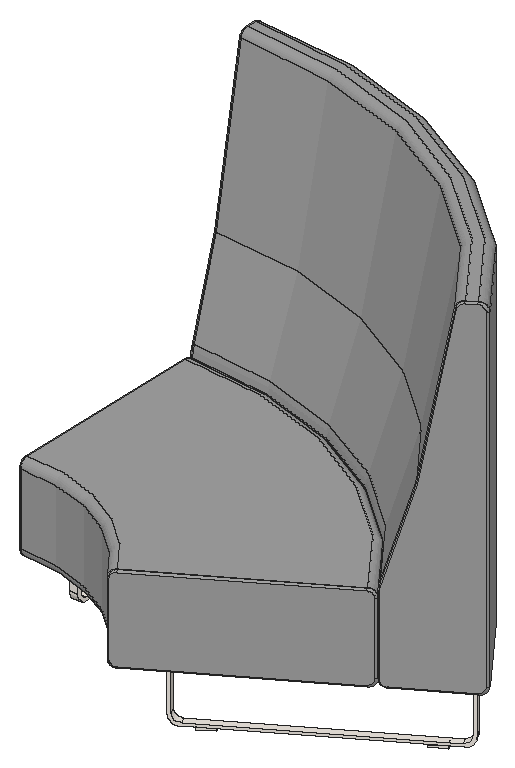
Revit family "Haworth_Riverbend_ConcaveBench60_AP_PRELIMINARY", category Furniture, Revit 2018 (continued)
Definition of nested family "Haworth_Riverbend_ConcaveBench60_Back-PART"
  Automatic sketch dimensions
    Blend 6 sketch curve to plane 2 "Top" = 0.441 mm
    Masking region 1 sketch curve to plane 20 = 0 mm
    Masking region 1 sketch curve to plane 11 = 0 mm  (x2)
    Masking region 1 sketch curve to plane 23 = 0 mm
    plane 14 to Masking region 1 sketch curve = 0 mm
    Masking region 1 sketch curve to plane 18 "revolve_origin" = 0 mm
    Masking region 1 sketch curve to plane 10 = 0 mm
    Masking region 1 sketch curve to plane 18 "revolve_origin" = 15.297 mm
    plane 16 to Masking region 1 sketch curve = 12.713 mm
Definition of nested family "Haworth_Riverbend_ConcaveBench60_Large_Seat-PART"
  Parameters (values of type "Large Seat - PART")
    Width Straight Edge = 930 mm  # constant formula
    Warranty = "http://www.haworth.com/resources/product-info/warranties"
    URL - Product = "http://www.haworth.com/products/seating/sofas/riverbend-pebble"
    Symbolic Line Controller = not(No Back)  # no
    Seat Upholstery Finish [instance] = none
    No Back = yes
    Mid Back = yes
    Model = "Haworth - Riverbend"  # constant formula
    High Back = yes
    Description = "Haworth - Riverbend - Concave Bench - 60 Degree - Large Seat - PART"  # constant formula
    URL = "http://www.haworth.com"
    Size = "Verify Final Dim. w/ Haworth"  # constant formula
    Revision Number = "1"  # constant formula
    Manufacturer = "Haworth"  # constant formula
    Author = "Haworth (Bentzen, Abd Rahman)"  # constant formula
    Assembly Code = "E2020200"
    Actual Width = 1480 mm  # constant formula
    Actual Height = 457.2 mm  # constant formula
    Actual Depth = 930 mm  # constant formula
  Reference planes
    plane 1 "Bottom": z = 0
    plane 2 "Top": z = 457.2
    plane 3 "Top - Bottom of Chamfer Edge": z = 450.85
    plane 4 "Frame Bottom": z = 184.15
    plane 5 "Bottom - Top of Chamfer Edge": z = 190.5
    plane 6 "Leg Bracket - Bottom": z = 177.8
    plane 7 "Leg Bottom - Top of Bottom": z = 15.875
    plane 8 "Foot - Top of Foot": z = 6.35
    plane 9: through (-44.745, -49.082, 1219.2) normal (0.5, 0.866, 0)
    plane 10: x = -521.282
    plane 11: through (68.034, -539.021, 1219.2) normal (-0.5, 0.866, 0)
    plane 12: through (234.368, 434.356, 1219.2) normal (0.5, 0.866, 0)
    plane 13: y = 635.131
    plane 14: through (-521.483, -874.815, 1219.2) normal (-0.7071, 0.7071, 0)
    plane 15: z = 431.8
    plane 16: y = -294.869
    plane 17: y = -196.719
    plane 18 "revolve_origin": x = -514.932
    plane 19 "revolve_axis": y = -868.265
    plane 20: through (787.046, -116.567, 1219.2) normal (0.866, 0.5, 0)
    plane 21: through (61.144, -535.667, 1219.2) normal (0.866, 0.5, 0)
    plane 22: y = -535.667
    plane 23: through (-226.894, -369.368, 1219.2) normal (-0.866, 0.5, 0)
    plane 24: through (787.046, -116.567, 1219.2) normal (-0.5, 0.866, 0)
    plane 25: through (-182.336, -292.192, 1219.2) normal (0.5, 0.866, 0)
    plane 26: through (-483.354, 659.63, 1219.2) normal (-0.866, 0.5, 0)
    plane 27: through (798.364, -80.37, 1219.2) normal (-0.866, 0.5, 0)
    plane 28: through (-1452.669, 352.509, 1219.2) normal (0.5, 0.866, 0)
    plane 29: y = 357.765
  Forms (mm)
    Blend 1, solid, material <- "Seat Upholstery Finish", visible <- "Symbolic Line Controller"
      base sketch origin (-521.282, -843.965, 0) x (0, -1, 0) y (0, 0, 1)
        loop
          arc (-1182.68, 450.85) -> (-1196.15, 445.27) -> (-1201.73, 431.8) r 19.05
          line (-1201.73, 431.8) -> (-1201.73, 209.55)
          arc (-1201.73, 209.55) -> (-1196.15, 196.08) -> (-1182.68, 190.5) r 19.05
          line (-1182.68, 190.5) -> (-573.796, 190.5)
          arc (-573.796, 190.5) -> (-560.326, 196.08) -> (-554.746, 209.55) r 19.05
          line (-554.746, 209.55) -> (-554.746, 431.8)
          arc (-554.746, 431.8) -> (-560.326, 445.27) -> (-573.796, 450.85) r 19.05
          line (-573.796, 450.85) -> (-1182.68, 450.85)
      top sketch origin (-521.282, -843.965, 0) x (0, -1, 0) y (0, 0, 1)
        loop
          arc (-1182.68, 457.2) -> (-1200.641, 449.761) -> (-1208.08, 431.8) r 25.4
          line (-1208.08, 431.8) -> (-1208.08, 209.55)
          arc (-1208.08, 209.55) -> (-1200.641, 191.589) -> (-1182.68, 184.15) r 25.4
          line (-1182.68, 184.15) -> (-574.496, 184.15)
          arc (-574.496, 184.15) -> (-558.944, 189.468) -> (-549.904, 203.195) r 25.4
          line (-549.904, 203.195) -> (-549.904, 431.8)
          arc (-549.904, 431.8) -> (-557.343, 449.761) -> (-575.304, 457.2) r 25.4
          line (-575.304, 457.2) -> (-1182.68, 457.2)
      from 0 to -6.35
    Revolve 2, solid, material <- "Seat Upholstery Finish", visible <- "No Back"
      sketch origin (-514.932, 0, 0) x (0, -1, 0) y (0, 0, 1)
        loop
          line (-635.131, 431.8) -> (-635.131, 209.55)
          arc (-635.131, 209.55) -> (-627.691, 191.589) -> (-609.731, 184.15) r 25.4
          line (-609.731, 184.15) -> (269.469, 184.15)
          arc (269.469, 184.15) -> (287.43, 191.589) -> (294.869, 209.55) r 25.4
          line (294.869, 209.55) -> (294.869, 431.8)
          arc (294.869, 431.8) -> (287.43, 449.761) -> (269.469, 457.2) r 25.4
          line (269.469, 457.2) -> (-609.731, 457.2)
          arc (-609.731, 457.2) -> (-627.691, 449.761) -> (-635.131, 431.8) r 25.4
        axis (868.265, 457.2) -> (868.265, 184.15)
      angle from 0 to 60
    Revolve 3, solid, material <- "Seat Upholstery Finish", visible <- "Symbolic Line Controller"
      sketch origin (-514.932, 0, 0) x (0, -1, 0) y (0, 0, 1)
        loop
          line (-364.115, 431.8) -> (-364.115, 209.55)
          arc (-364.115, 209.55) -> (-356.675, 191.589) -> (-338.715, 184.15) r 25.4
          line (-338.715, 184.15) -> (269.469, 184.15)
          arc (269.469, 184.15) -> (287.43, 191.589) -> (294.869, 209.55) r 25.4
          line (294.869, 209.55) -> (294.869, 431.8)
          arc (294.869, 431.8) -> (287.43, 449.761) -> (269.469, 457.2) r 25.4
          line (269.469, 457.2) -> (-338.715, 457.2)
          arc (-338.715, 457.2) -> (-356.675, 449.761) -> (-364.115, 431.8) r 25.4
        axis (868.265, 457.2) -> (868.265, 184.15)
      angle from 0 to 60
    Blend 4, solid, material <- "Seat Upholstery Finish", visible <- "No Back"
      base sketch origin (-521.282, -301.933, 0) x (0, -1, 0) y (0, 0, 1)
        loop
          arc (-911.664, 450.85) -> (-925.134, 445.27) -> (-930.714, 431.8) r 19.05
          line (-930.714, 431.8) -> (-930.714, 209.55)
          arc (-930.714, 209.55) -> (-925.134, 196.08) -> (-911.664, 190.5) r 19.05
          line (-911.664, 190.5) -> (-31.764, 190.5)
          arc (-31.764, 190.5) -> (-18.294, 196.08) -> (-12.714, 209.55) r 19.05
          line (-12.714, 209.55) -> (-12.714, 431.8)
          arc (-12.714, 431.8) -> (-18.294, 445.27) -> (-31.764, 450.85) r 19.05
          line (-31.764, 450.85) -> (-911.664, 450.85)
      top sketch origin (-521.282, -301.933, 0) x (0, -1, 0) y (0, 0, 1)
        loop
          arc (-911.664, 457.2) -> (-929.625, 449.761) -> (-937.064, 431.8) r 25.4
          line (-937.064, 431.8) -> (-937.064, 209.55)
          arc (-937.064, 209.55) -> (-929.625, 191.589) -> (-911.664, 184.15) r 25.4
          line (-911.664, 184.15) -> (-33.272, 184.15)
          arc (-33.272, 184.15) -> (-15.311, 191.589) -> (-7.872, 209.55) r 25.4
          line (-7.872, 209.55) -> (-7.872, 431.8)
          arc (-7.872, 431.8) -> (-15.311, 449.761) -> (-33.272, 457.2) r 25.4
          line (-33.272, 457.2) -> (-911.664, 457.2)
      from 0 to -6.35
    Blend 5, solid, material <- "Seat Upholstery Finish", visible <- "Symbolic Line Controller"
      base sketch origin (-490.713, -861.614, 0) x (-0.866025, -0.5, 0) y (0, 0, -1)
        loop
          line (-1182.68, -450.85) -> (-573.796, -450.85)
          arc (-573.796, -450.85) -> (-560.326, -445.27) -> (-554.746, -431.8) r 19.05
          line (-554.746, -431.8) -> (-554.746, -209.55)
          arc (-554.746, -209.55) -> (-560.326, -196.08) -> (-573.796, -190.5) r 19.05
          line (-573.796, -190.5) -> (-1182.68, -190.5)
          arc (-1182.68, -190.5) -> (-1196.15, -196.08) -> (-1201.73, -209.55) r 19.05
          line (-1201.73, -209.55) -> (-1201.73, -431.8)
          arc (-1201.73, -431.8) -> (-1196.15, -445.27) -> (-1182.68, -450.85) r 19.05
      top sketch origin (-490.713, -861.614, 0) x (-0.866025, -0.5, 0) y (0, 0, -1)
        loop
          line (-1182.68, -457.2) -> (-575.304, -457.2)
          arc (-575.304, -457.2) -> (-557.343, -449.761) -> (-549.904, -431.8) r 25.4
          line (-549.904, -431.8) -> (-549.904, -203.195)
          arc (-549.904, -203.195) -> (-558.944, -189.468) -> (-574.496, -184.15) r 25.4
          line (-574.496, -184.15) -> (-1182.68, -184.15)
          arc (-1182.68, -184.15) -> (-1200.641, -191.589) -> (-1208.08, -209.55) r 25.4
          line (-1208.08, -209.55) -> (-1208.08, -431.8)
          arc (-1208.08, -431.8) -> (-1200.641, -449.761) -> (-1182.68, -457.2) r 25.4
      from 0 to -6.35
    Blend 6, solid, material <- "Seat Upholstery Finish", visible <- "No Back"
      base sketch origin (-21.3, -590.598, 0) x (-0.866025, -0.5, 0) y (0, 0, -1)
        loop
          line (-911.664, -450.85) -> (-31.764, -450.85)
          arc (-31.764, -450.85) -> (-18.294, -445.27) -> (-12.714, -431.8) r 19.05
          line (-12.714, -431.8) -> (-12.714, -209.55)
          arc (-12.714, -209.55) -> (-18.294, -196.08) -> (-31.764, -190.5) r 19.05
          line (-31.764, -190.5) -> (-911.664, -190.5)
          arc (-911.664, -190.5) -> (-925.134, -196.08) -> (-930.714, -209.55) r 19.05
          line (-930.714, -209.55) -> (-930.714, -431.8)
          arc (-930.714, -431.8) -> (-925.134, -445.27) -> (-911.664, -450.85) r 19.05
      top sketch origin (-21.3, -590.598, 0) x (-0.866025, -0.5, 0) y (0, 0, -1)
        loop
          line (-911.664, -457.2) -> (-33.272, -457.2)
          arc (-33.272, -457.2) -> (-15.311, -449.761) -> (-7.872, -431.8) r 25.4
          line (-7.872, -431.8) -> (-7.872, -209.55)
          arc (-7.872, -209.55) -> (-15.311, -191.589) -> (-33.272, -184.15) r 25.4
          line (-33.272, -184.15) -> (-911.664, -184.15)
          arc (-911.664, -184.15) -> (-929.625, -191.589) -> (-937.064, -209.55) r 25.4
          line (-937.064, -209.55) -> (-937.064, -431.8)
          arc (-937.064, -431.8) -> (-929.625, -449.761) -> (-911.664, -457.2) r 25.4
      from 0 to -6.35
  Lines and regions (mm)
    Masking region 1
      outline origin (0, 0, 457.2) x (-1, 0, 0) y (0, -1, 0)
        loop
          line (521.282, -635.131) -> (521.282, 203.069)
          arc (521.282, 203.069) -> (182.336, 292.192) -> (-64.319, 541.166) r 665.439
          line (-64.319, 541.166) -> (-790.221, 122.066)
          arc (-790.221, 122.066) -> (-236.444, -433.158) -> (521.282, -635.131) r 1507.586
    symbolic lines, visible <- "Symbolic Line Controller", detail levels medium+fine
      curve 1: arc (393.337, -343.875, 457.2) -> (9.458, 40.005, 457.2) -> (-514.932, 180.515, 457.2) r 1048.779
  Dimensions and locks
    locked: plane 2 "Top" to plane 3 "Top - Bottom of Chamfer Edge" at 6.35
    locked: plane 5 "Bottom - Top of Chamfer Edge" to plane 4 "Frame Bottom" at 6.35
    plane 2 "Top" to plane 4 "Frame Bottom" = 273.05 mm
    "Actual Height": plane 2 "Top" to plane 1 "Bottom"
    plane 2 "Top" to plane 1 "Bottom" = 457.2 mm
    "Actual Width": plane 26 to plane 27
    plane 12 to plane 28 = 914.4 mm
    "Actual Depth": plane 16 to plane 13
  Automatic sketch dimensions
    curve 1 to plane 24 = 0 mm
    curve 1 to plane 18 "revolve_origin" = 0 mm
    plane 14 to curve 1 = 0 mm
    plane 16 to curve 1 = 49.006 mm
    Blend 1 sketch curve to plane 15 = 0 mm  (x2)
    Blend 1 sketch curve to plane 29 = 0 mm
    Blend 1 sketch curve to plane 3 "Top - Bottom of Chamfer Edge" = 0 mm
    Blend 1 sketch curve to plane 5 "Bottom - Top of Chamfer Edge" = 0 mm
    plane 15 to Blend 1 sketch curve = 0 mm  (x2)
    plane 29 to Blend 1 sketch curve = 19.05 mm  (x2)
    Blend 1 sketch curve to plane 16 = 24.7 mm  (x2)
    Blend 1 sketch curve to plane 4 "Frame Bottom" = 0 mm
    Blend 1 sketch curve to plane 2 "Top" = 0 mm
    Blend 1 sketch curve to plane 29 = 6.35 mm
    Blend 1 sketch curve to plane 16 = 26.208 mm
    plane 5 "Bottom - Top of Chamfer Edge" to Blend 1 sketch curve = 19.05 mm
    Blend 1 sketch curve to Blend 1 sketch curve = 24.592 mm
    Revolve 2 sketch curve to plane 13 = 0 mm
    Revolve 2 sketch curve to plane 4 "Frame Bottom" = 0 mm
    Revolve 2 sketch curve to plane 2 "Top" = 0 mm  (x2)
    Revolve 2 sketch curve to plane 15 = 0 mm
    plane 15 to Revolve 2 sketch curve = 0 mm
    Revolve 2 sketch curve to plane 16 = 0 mm
    Revolve 2 sketch curve to plane 19 "revolve_axis" = 0 mm
    plane 5 "Bottom - Top of Chamfer Edge" to Revolve 2 sketch curve = 19.05 mm  (x2)
    plane 5 "Bottom - Top of Chamfer Edge" to Revolve 2 sketch curve = 63.5 mm
    Revolve 3 sketch curve to plane 15 = 0 mm
    Revolve 3 sketch curve to plane 4 "Frame Bottom" = 0 mm
    Revolve 3 sketch curve to plane 2 "Top" = 0 mm  (x2)
    plane 15 to Revolve 3 sketch curve = 0 mm
    Revolve 3 sketch curve to plane 16 = 0 mm
    Revolve 3 sketch curve to plane 19 "revolve_axis" = 0 mm
    plane 5 "Bottom - Top of Chamfer Edge" to Revolve 3 sketch curve = 19.05 mm
    plane 29 to Revolve 3 sketch curve = 19.05 mm  (x2)
    plane 5 "Bottom - Top of Chamfer Edge" to Revolve 3 sketch curve = 63.5 mm
    Masking region 1 sketch curve to plane 11 = 0 mm  (x2)
    Masking region 1 sketch curve to plane 20 = 0 mm
    Masking region 1 sketch curve to plane 21 = 0 mm
    Masking region 1 sketch curve to plane 23 = 0 mm  (x2)
    Masking region 1 sketch curve to plane 10 = 0 mm
    plane 18 "revolve_origin" to Masking region 1 sketch curve = 0.124 mm
    plane 18 "revolve_origin" to Masking region 1 sketch curve = 2.417 mm
    Blend 4 sketch curve to plane 15 = 0 mm  (x2)
    Blend 4 sketch curve to plane 3 "Top - Bottom of Chamfer Edge" = 0 mm
    Blend 4 sketch curve to plane 5 "Bottom - Top of Chamfer Edge" = 0 mm
    plane 15 to Blend 4 sketch curve = 0 mm  (x2)
    plane 13 to Blend 4 sketch curve = 6.35 mm
    plane 13 to Blend 4 sketch curve = 25.4 mm  (x2)
    Blend 4 sketch curve to plane 16 = 24.7 mm  (x2)
    Blend 4 sketch curve to plane 13 = 0 mm
    Blend 4 sketch curve to plane 4 "Frame Bottom" = 0 mm
    Blend 4 sketch curve to plane 2 "Top" = 0 mm
    Blend 4 sketch curve to plane 16 = 26.208 mm  (x2)
    Blend 5 sketch curve to plane 15 = 0 mm  (x4)
    Blend 5 sketch curve to plane 3 "Top - Bottom of Chamfer Edge" = 0 mm
    Blend 5 sketch curve to plane 5 "Bottom - Top of Chamfer Edge" = 0 mm
    plane 5 "Bottom - Top of Chamfer Edge" to Blend 5 sketch curve = 19.05 mm  (x4)
    Blend 5 sketch curve to plane 20 = 277.366 mm
    Blend 5 sketch curve to plane 21 = 67.1 mm
    Blend 5 sketch curve to plane 4 "Frame Bottom" = 0 mm
    Blend 5 sketch curve to plane 2 "Top" = 0 mm
    Blend 5 sketch curve to plane 20 = 271.016 mm
    Blend 5 sketch curve to plane 21 = 65.592 mm
    Blend 5 sketch curve to Blend 5 sketch curve = 24.592 mm
    Blend 6 sketch curve to plane 15 = 0 mm  (x4)
    Blend 6 sketch curve to plane 3 "Top - Bottom of Chamfer Edge" = 0 mm
    Blend 6 sketch curve to plane 5 "Bottom - Top of Chamfer Edge" = 0 mm
    Blend 6 sketch curve to plane 20 = 6.35 mm
    Blend 6 sketch curve to plane 20 = 25.4 mm  (x2)
    plane 5 "Bottom - Top of Chamfer Edge" to Blend 6 sketch curve = 19.05 mm
    Blend 6 sketch curve to plane 21 = 67.1 mm
    Blend 6 sketch curve to plane 20 = 0 mm
    Blend 6 sketch curve to plane 4 "Frame Bottom" = 0 mm
    Blend 6 sketch curve to plane 2 "Top" = 0 mm
    Blend 6 sketch curve to plane 21 = 65.592 mm
    Blend 6 sketch curve to Blend 6 sketch curve = 25.4 mm
Types (6, lengths in mm): name | Width Straight Edge | Symbolic Line Controller | Small | No Back | Mid Back | Low | Large | High Back | High | Actual Height | Actual Depth
  1430w x 930d x 450h - High Back | 930 | yes | no | no | no | no | yes | yes | yes | 450 | 930
  1430w x 930d x 390h - Mid Back | 930 | yes | no | no | yes | yes | yes | no | no | 390 | 930
  1430w x 930d x 390h - No Back | 930 | no | no | yes | no | yes | yes | no | no | 390 | 930
  1430w x 880d x 390h - High Back | 880 | yes | yes | no | no | yes | no | yes | no | 390 | 880
  1430w x 880d x 450h - Mid Back | 880 | yes | yes | no | yes | no | no | no | yes | 450 | 880
  1430w x 880d x 390h - No Back | 880 | no | yes | yes | no | yes | no | no | no | 390 | 880
